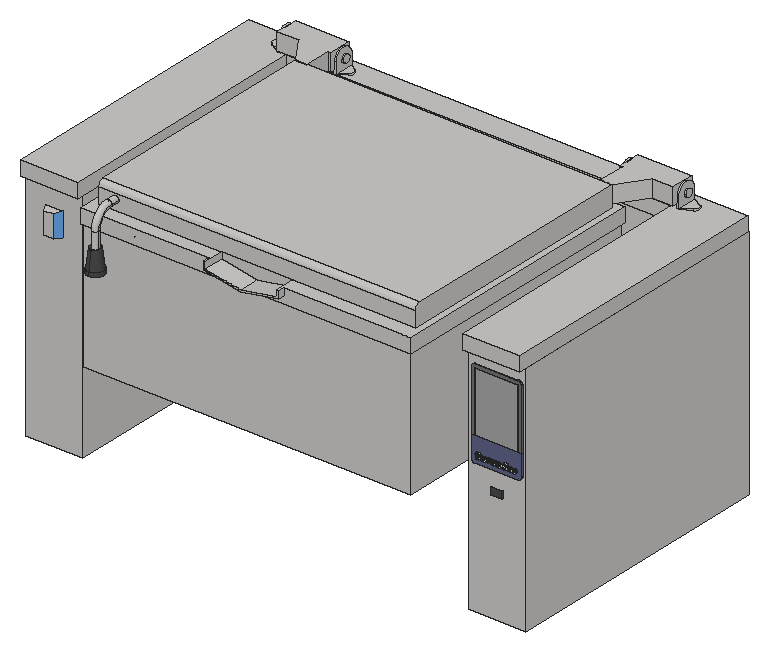
Revit family "QF_ELECTROLUXPROFESSIONAL_586278_PFET08EAEO", category Attrezzature speciali, Revit 2020
Family settings
  Quota connettore circolare = Usa diametro
  Tipo di parte = Normale
  Basato su piano di lavoro = No
  Sempre verticale = Sì
  Taglio con vuoti quando caricato = No
  Condiviso = No
  Punto di calcolo locali = No
Parameters (values of type "Standard")
  Weight = 240.00 kg
  Watts = 20600 W
  Volts = 400 V
  URL Manufacturer = "https://www.electroluxprofessional.com/"
  URL = "https://www.electroluxprofessional.com/"
  Steam Supply Size = 0 mm
  Steam Supply Minimum Pressure = 0.0 Pa
  Steam Supply Maximum Pressure = 0.0 Pa
  Steam Consumption per Hour = 0
  Refrigeration Suction Line Size = 0.0 mm
  Refrigeration Liquid Line Size = 0.0 mm
  Refrigerant Compressor Remote = yes
  Prospetto di default = 0.0 mm
  Produttore = "Electrolux Professional"
  Phase = 3
  Modello = "PFET08EAEO"
  Length Actual = 1400.0 mm  # constant formula
  Item Number = "586278"
  Hot Water Size = 12.7 mm
  Height Actual = 700.0 mm  # constant formula
  HP = "27.6 HP"
  Gas Size = 0 mm
  Gas KW = 0
  Gas Input Pressure = 0 W
  Direct Waste Size = 0 mm
  Descrizione = "ELECTRIC TILTING BRAISING PAN, 80L, COMPOUND(H) FS D800"
  Depth Actual = 800.0 mm  # constant formula
  Cycle = 50 Hz
  Condensate Return Size = 0 mm
  Compressed Air Volume = 0.0 L/s
  Compressed Air Size = 0 mm
  Compressed Air Pressure = 0.0 Pa
  Cold Water Size = 12.7 mm
  Accessory = yes
Reference planes
  plane 1 "Center (Front/Back)": y = 0
  plane 2: z = 0
  plane 3 "Center (Left/Right)": x = 0
  plane 4 "LEFT": x = -700
  plane 5 "RIGHT": x = 700
  plane 6 "BACK": y = 400
  plane 7 "FRONT": y = -400
  plane 8 "Base": z = 200
  plane 9 "TOP": z = 900
  plane 10: x = -540
  plane 11: x = 540
  plane 12 "Axe_PentolaY": y = -180
  plane 13 "AxePentolaZ": z = 730
  plane 14 "PLANE_TOP": z = 860
  plane 15: y = 330
  plane 16: z = 833
  plane 17: z = 502
  plane 18: z = 340
  plane 19: y = -502
  plane 20 "CentroPentolaY": y = -108
  plane 21 "TopCoperchio": z = 958
  plane 22 "Versamento": z = 910
  plane 23 "V1": through (-107.18, -558, 4000) normal (-0.7071, -0.7071, 0)
  plane 24 "V2": through (107.18, -558, 4000) normal (-0.7071, 0.7071, 0)
  plane 25 "Gfront": y = -1250
  plane 26 "LEVEL": through (-245.562, -289.383, 4000) normal (0.866, 0.5, 0)
  plane 27 "GRight": x = 250
  plane 28 "GLeft": x = -250
  plane 29 "Gback": y = -150
  plane 30: z = 1771
  plane 31 "Ribaltamento": y = -522
  plane 32 "AxeL": x = -620
  plane 33 "AxeR": x = 620
  plane 34 "Pentola_Back": y = 258
  plane 35 "Pentola_L": x = -457.5
  plane 36 "Pentola_R": x = 457.5
  plane 37: x = -397.5
  plane 38 "axeC1": x = -480
  plane 39 "axeC2": x = 480
Forms (mm)
  Revolve 1, solid, material "QF_Finishes_Stainless Steel"
    sketch origin (0, 0, 730) x (-1, 0, 0) y (0, -1, 0)
      loop
        line (540, 180) -> (-540, 180) -> (-540, 90) -> (-530, 90) -> (-530, 123) -> (530, 123) -> (530, 90) -> (540, 90) -> (540, 180)
      axis (540, 180) -> (-540, 180)
    angle from 0 to 360
  Extrusion 2, solid, material "QF_Finishes_Stainless Steel"
    sketch origin (0, 0, 860) x (-1, 0, 0) y (0, -1, 0)
      loop
        line (700, 400) -> (540, 400) -> (540, -330) -> (-540, -330) -> (-540, 400) -> (-700, 400) -> (-700, -400) -> (700, -400) -> (700, 400)
    from 0 to 40
  Extrusion 3, solid, material "QF_Finishes_Stainless Steel"
    sketch origin (0, 0, 860) x (-1, 0, 0) y (0, -1, 0)
      loop
        line (540, -330) -> (-540, -330) -> (-540, -400) -> (540, -400) -> (540, -330)
    from 0 to -360
  Extrusion 4, solid, material "QF_Finishes_Stainless Steel"
    sketch origin (-480, 0, 0) x (0, 1, 0) y (0, 0, 1)
      loop
        line (383.242, 900) -> (383.242, 931.379)
        arc (383.242, 931.379) -> (356.621, 958) -> (330, 931.379) r 26.621
        line (330, 931.379) -> (330, 900) -> (383.242, 900)
    from 75 to 82
  Extrusion 5, solid, material "QF_Finishes_Stainless Steel"
    sketch origin (-380, 0, 900) x (0, 1, 0) y (-1, 0, 0)
      loop
        line (334.36, 18) -> (345.936, -3.201)
        arc (345.936, -3.201) -> (356.621, -9.541) -> (367.305, -3.201) r 12.174
        line (367.305, -3.201) -> (378.882, 18) -> (334.36, 18)
      loop
        line (345.936, 211.185) -> (330, 182) -> (383.242, 182) -> (367.305, 211.185)
        arc (367.305, 211.185) -> (356.621, 217.525) -> (345.936, 211.185) r 12.174
    from 0 to 3
  Extrusion 6, solid, material "QF_Finishes_Stainless Steel"
    sketch origin (0, 0, 0) x (0, 1, 0) y (0, 0, 1)
      loop
        line (258, 860) -> (-479, 860) -> (-479, 502) -> (258, 502) -> (258, 860)
    from -457.5 to 457.5
  Extrusion 7, solid, material "QF_Finishes_Stainless Steel"
    sketch origin (0, 0, 0) x (0, 1, 0) y (0, 0, 1)
      loop
        line (264, 860) -> (264, 900) -> (-485, 900) -> (-485, 860) -> (264, 860)
    from -463.5 to 463.5
  Extrusion 8, void
    sketch origin (0, -400, 0) x (-1, 0, 0) y (0, 0, 1)
      loop
        line (-100, 900) -> (-100, 883.7) -> (0, 865.086) -> (100, 883.7) -> (100, 900) -> (-100, 900)
    from -102 to -45
  Extrusion 9, solid, material "QF_Finishes_Stainless Steel"
    sketch origin (0, 0, 0) x (0, 1, 0) y (0, 0, 1)
      loop
        line (244, 958) -> (-430, 958)
        arc (-430, 958) -> (-440.607, 953.607) -> (-445, 943) r 15
        line (-445, 943) -> (-445, 900) -> (244, 900) -> (244, 958)
    from -443.5 to 443.5
  Extrusion 10, solid, material "QF_Finishes_Stainless Steel"
    sketch origin (0, -400, 0) x (-1, 0, 0) y (0, 0, 1)
      loop
        line (105, 879.545) -> (105, 900) -> (100, 900) -> (100, 883.7) -> (0, 865.086) -> (-100, 883.7) -> (-100, 900) -> (-105, 900) -> (-105, 879.545) -> (0, 860) -> (105, 879.545)
    from -102 to -79
  Extrusion 11, solid, material "QF_Finishes_Stainless Steel"
    sketch origin (-480, 0, 0) x (0, 1, 0) y (0, 0, 1)
      loop
        line (383.242, 900) -> (383.242, 931.379)
        arc (383.242, 931.379) -> (356.621, 958) -> (330, 931.379) r 26.621
        line (330, 931.379) -> (330, 900) -> (383.242, 900)
    from -82 to -75
  Extrusion 12, solid, material "QF_Finishes_Stainless Steel"
    sketch origin (-480, 0, 0) x (0, 1, 0) y (0, 0, 1)
      loop
        circle (356.621, 931.379) r 10
    from 82 to 89
  Extrusion 13, solid, material "QF_Finishes_Stainless Steel"
    sketch origin (-480, 0, 0) x (0, 1, 0) y (0, 0, 1)
      loop
        circle (356.621, 931.379) r 10
    from -82 to -89
  Extrusion 14, solid, material "QF_Finishes_Stainless Steel"
    sketch origin (480, 0, 900) x (0, 1, 0) y (-1, 0, 0)
      loop
        arc (345.936, -111.185) -> (356.621, -117.525) -> (367.305, -111.185) r 12.174
        line (367.305, -111.185) -> (383.242, -82) -> (330, -82) -> (345.936, -111.185)
      loop
        line (345.936, 111.185) -> (330, 82) -> (383.242, 82) -> (367.305, 111.185)
        arc (367.305, 111.185) -> (356.621, 117.525) -> (345.936, 111.185) r 12.174
    from 0 to 3
  Extrusion 15, solid, material "QF_Finishes_Stainless Steel"
    sketch origin (480, 0, 0) x (0, 1, 0) y (0, 0, 1)
      loop
        circle (356.621, 931.379) r 10
    from 82 to 89
  Extrusion 16, solid, material "QF_Finishes_Stainless Steel"
    sketch origin (480, 0, 0) x (0, 1, 0) y (0, 0, 1)
      loop
        circle (356.621, 931.379) r 10
    from -82 to -89
  Extrusion 17, solid, material "QF_Finishes_Stainless Steel"
    sketch origin (480, 0, 0) x (0, 1, 0) y (0, 0, 1)
      loop
        line (383.242, 900) -> (383.242, 931.379)
        arc (383.242, 931.379) -> (356.621, 958) -> (330, 931.379) r 26.621
        line (330, 931.379) -> (330, 900) -> (383.242, 900)
    from 75 to 82
  Extrusion 18, solid, material "QF_Finishes_Stainless Steel"
    sketch origin (480, 0, 0) x (0, 1, 0) y (0, 0, 1)
      loop
        line (383.242, 900) -> (383.242, 931.379)
        arc (383.242, 931.379) -> (356.621, 958) -> (330, 931.379) r 26.621
        line (330, 931.379) -> (330, 900) -> (383.242, 900)
    from -82 to -75
  Extrusion 19, solid, material "QF_Finishes_Stainless Steel"
    sketch origin (0, 0, 900) x (0, 1, 0) y (-1, 0, 0)
      loop
        line (318.242, 412.5) -> (318.242, 405) -> (383.242, 405) -> (383.242, 555) -> (318.242, 555) -> (318.242, 495.485) -> (244, 443.5) -> (244, 412.5) -> (318.242, 412.5)
      loop
        line (318.242, -412.5) -> (244, -412.5) -> (244, -443.5) -> (318.242, -495.485) -> (318.242, -555) -> (383.242, -555) -> (383.242, -405) -> (318.242, -405) -> (318.242, -412.5)
    from 10 to 58
  Extrusion 20, solid, material "QF_Door-Drawer Clearances", detail levels coarse
    sketch origin (0, 43.989, -0.088) x (0, 1, 0) y (0, 0, 1)
      loop
        arc (-542.39, 847.898) -> (-565.226, 709.247) -> (-522.989, 575.225) r 302.677
        line (-522.989, 575.225) -> (-522.989, 847.898) -> (-542.39, 847.898)
      loop
        line (325.826, 958.088) -> (124.719, 1720.046) -> (110.522, 1716.299) -> (105.888, 1733.858)
        arc (105.888, 1733.858) -> (78.382, 1766.541) -> (35.668, 1766.049) r 50.001
        arc (35.668, 1766.049) -> (-403.465, 1439.012) -> (-557.984, 913.736) r 864.329
        arc (-557.984, 913.736) -> (-540.994, 929.536) -> (-518.989, 936.891) r 54.807
        line (-518.989, 936.891) -> (-488.989, 936.891) -> (-488.989, 943.088)
        arc (-488.989, 943.088) -> (-484.596, 953.695) -> (-473.989, 958.088) r 15
        line (-473.989, 958.088) -> (325.826, 958.088)
    from 105 to -105
Cuts and joins
  Extrusion 8 cuts Extrusion 7
  joined: Extrusion 7, Extrusion 10
Lines and regions (mm)
  symbolic lines
    curve 1: line (700, 400, 900) -> (-700, 400, 900)
    curve 2: line (700, -400, 900) -> (700, 400, 900)
    curve 3: line (-700, 400, 900) -> (-700, -400, 900)
    curve 4: line (-700, -400, 900) -> (-540, -400, 900)
    curve 5: line (-540, -400, 900) -> (-540, 318.242, 900)
    curve 6: line (540, -400, 900) -> (700, -400, 900)
    curve 7: line (530, -90, 900) -> (530, -270, 900)
    curve 8: line (-530, -90, 900) -> (-530, -270, 900)
    curve 9: line (-530, -90, 900) -> (-540, -90, 900)
    curve 10: line (-530, -270, 900) -> (-540, -270, 900)
    curve 11: line (530, -90, 900) -> (540, -90, 900)
    curve 12: line (530, -270, 900) -> (540, -270, 900)
    curve 18: line (562, 330, 900) -> (555, 330, 900)
    curve 19: line (-530, -122.761, 900) -> (-462.169, -122.761, 900)
    curve 20: line (-530, -236.868, 900) -> (-463.5, -236.868, 900)
    curve 21: line (530, -122.761, 900) -> (463.5, -122.761, 900)
    curve 22: line (530, -236.868, 900) -> (463.5, -236.868, 900)
    curve 49: line (-495.485, 318.242, 900) -> (-443.5, 244, 900)
    curve 50: line (-397.5, 244, 900) -> (-397.5, 264, 900)
    curve 51: line (-555, 383.242, 900) -> (-555, 318.242, 900)
    curve 52: line (-398, 383.242, 900) -> (-562, 383.242, 900)
    curve 53: line (-569, 366.621, 900) -> (-569, 346.621, 900)
    curve 54: line (-591.185, 345.936, 900) -> (-562, 330, 900)
    curve 55: arc (-591.185, 367.305, 900) -> (-597.525, 356.621, 900) -> (-591.185, 345.936, 900) r 12.174
    curve 56: line (-562, 383.242, 900) -> (-591.185, 367.305, 900)
    curve 57: line (-562, 383.242, 900) -> (-562, 330, 900)
    curve 58: arc (591.185, 345.936, 900) -> (597.525, 356.621, 900) -> (591.185, 367.305, 900) r 12.174
    curve 59: line (562, 330, 900) -> (591.185, 345.936, 900)
    curve 60: line (591.185, 367.305, 900) -> (562, 383.242, 900)
    curve 61: line (562, 330, 900) -> (562, 383.242, 900)
    curve 62: line (569, 346.621, 900) -> (569, 366.621, 900)
    curve 63: line (405, 383.242, 900) -> (405, 318.242, 900)
    curve 64: line (368.815, 345.936, 900) -> (398, 330, 900)
    curve 65: line (398, 383.242, 900) -> (368.815, 367.305, 900)
    curve 66: arc (368.815, 367.305, 900) -> (362.475, 356.621, 900) -> (368.815, 345.936, 900) r 12.174
    curve 67: line (391, 366.621, 900) -> (391, 346.621, 900)
    curve 68: line (398, 383.242, 900) -> (398, 330, 900)
    curve 69: line (-412.5, 244, 900) -> (-412.5, 318.242, 900)
    curve 70: line (463.5, 264, 900) -> (457.504, 264, 900)
    curve 71: line (-569, 366.621, 900) -> (-562, 366.621, 900)
    curve 72: line (-569, 346.621, 900) -> (-562, 346.621, 900)
    curve 73: line (-391, 366.621, 900) -> (-398, 366.621, 900)
    curve 74: line (-391, 346.621, 900) -> (-398, 346.621, 900)
    curve 75: line (391, 346.621, 900) -> (398, 346.621, 900)
    curve 76: line (391, 366.621, 900) -> (398, 366.621, 900)
    curve 77: line (569, 366.621, 900) -> (562, 366.621, 900)
    curve 78: line (569, 346.621, 900) -> (562, 346.621, 900)
    curve 79: line (398, 383.242, 900) -> (562, 383.242, 900)
    curve 80: line (405, 330, 900) -> (-398, 330, 900)
    curve 81: line (555, 318.242, 900) -> (555, 383.242, 900)
    curve 82: line (540, 318.242, 900) -> (540, -400, 900)
    curve 83: line (-562, 330, 900) -> (-555, 330, 900)
    curve 84: line (-391, 366.621, 900) -> (-391, 346.621, 900)
    curve 85: line (-392, 337.636, 900) -> (-376.799, 345.936, 900)
    curve 86: arc (-376.799, 345.936, 900) -> (-370.459, 356.621, 900) -> (-376.799, 367.305, 900) r 12.174
    curve 87: line (412.5, 244, 900) -> (412.5, 318.242, 900)
    curve 88: line (-495.485, 318.242, 900) -> (-555, 318.242, 900)
    curve 89: line (-412.5, 318.242, 900) -> (-405, 318.242, 900)
    curve 90: line (-405, 318.242, 900) -> (-405, 383.242, 900)
    curve 91: line (-376.799, 367.305, 900) -> (-398, 378.882, 900)
    curve 92: line (-398, 383.242, 900) -> (-398, 330, 900)
    curve 93: line (-457.504, 264, 900) -> (-463.5, 264, 900)
    curve 94: line (412.5, 264, 900) -> (-412.5, 264, 900)
    curve 95: line (555, 318.242, 900) -> (495.485, 318.242, 900)
    curve 96: line (495.485, 318.242, 900) -> (443.5, 244, 900)
    curve 97: line (405, 318.242, 900) -> (412.5, 318.242, 900)
    curve 98: line (-443.5, -445, 900) -> (443.5, -445, 900)
    curve 99: line (463.5, -485, 900) -> (105, -485, 900)
    curve 100: line (-105, -485, 900) -> (-463.5, -485, 900)
    curve 101: line (-405, 330, 900) -> (-398, 330, 900)
  symbolic lines, style "SpecialityEquipmentHiddenLines"
    curve 13: line (-250, -1250, 900) -> (250, -1250, 900)
    curve 14: line (-250, -150, 900) -> (-250, -1250, 900)
    curve 15: line (250, -150, 900) -> (-250, -150, 900)
    curve 16: line (250, -1250, 900) -> (250, -150, 900)
    curve 39: line (0, -1115.484, 900) -> (0, -1085.484, 900)
    curve 40: line (-15, -1100.484, 900) -> (15, -1100.484, 900)
  symbolic lines, style "SpecialityEquipment"
    curve 17: circle (0, -1100.484, 900) r 15 normal (0, 0, 1)
    curve 23: line (210, -1250, 900) -> (210, -1050, 900)
    curve 24: line (170, -1250, 900) -> (170, -1090, 900)
    curve 25: line (130, -1250, 900) -> (130, -1130, 900)
    curve 26: line (90, -1250, 900) -> (90, -1170, 900)
    curve 27: line (90, -1210, 900) -> (250, -1210, 900)
    curve 28: line (130, -1170, 900) -> (250, -1170, 900)
    curve 29: line (170, -1130, 900) -> (250, -1130, 900)
    curve 30: line (210, -1090, 900) -> (250, -1090, 900)
    curve 31: line (-210, -1250, 900) -> (-210, -1050, 900)
    curve 32: line (-170, -1250, 900) -> (-170, -1090, 900)
    curve 33: line (-130, -1250, 900) -> (-130, -1130, 900)
    curve 34: line (-90, -1250, 900) -> (-90, -1170, 900)
    curve 35: line (-90, -1210, 900) -> (-250, -1210, 900)
    curve 36: line (-130, -1170, 900) -> (-250, -1170, 900)
    curve 37: line (-170, -1130, 900) -> (-250, -1130, 900)
    curve 38: line (-210, -1090, 900) -> (-250, -1090, 900)
    curve 41: line (-443.5, 244, 900) -> (-443.5, -445, 900)
    curve 42: line (443.5, -445, 900) -> (443.5, 244, 900)
    curve 43: line (443.5, 244, 900) -> (-443.5, 244, 900)
    curve 44: line (-463.5, 264, 900) -> (-463.5, -485, 900)
    curve 45: line (463.5, -485, 900) -> (463.5, 264, 900)
    curve 46: line (-105, -502, 900) -> (105, -502, 900)
    curve 47: line (105, -502, 900) -> (105, -445, 900)
    curve 48: line (-105, -445, 900) -> (-105, -502, 900)
Dimensions and locks
  plane 4 "LEFT" to plane 5 "RIGHT" = 1400.0 mm
  equal spacing: plane 4 "LEFT", plane 3 "Center (Left/Right)", plane 5 "RIGHT"
  equal spacing: plane 6 "BACK", plane 1 "Center (Front/Back)", plane 7 "FRONT"
  plane 6 "BACK" to plane 7 "FRONT" = 800.0 mm
  plane 8 "Base" to level = 200.0 mm
  plane 9 "TOP" to level = 900.0 mm
  plane 9 "TOP" to plane 8 "Base" = 700.0 mm
  locked: plane 4 "LEFT" to plane 10 at 160
  locked: plane 11 to plane 5 "RIGHT" at 160
  locked: plane 6 "BACK" to plane 12 "Axe_PentolaY" at 580
  locked: plane 13 "AxePentolaZ" to plane 8 "Base" at 530
  locked: Revolve 1 sketch curve to Revolve 1 sketch curve at 57
  locked: Revolve 1 sketch curve to Revolve 1 sketch curve at 90
  locked: plane 10 to Revolve 1 sketch curve at 10
  locked: Revolve 1 sketch curve to plane 11 at 10
  locked: plane 9 "TOP" to plane 14 "PLANE_TOP" at 40
  plane 6 "BACK" to plane 15 = 70.0 mm
  locked: plane 16 to plane 13 "AxePentolaZ" at 103
  locked: plane 13 "AxePentolaZ" to plane 17 at 228
  locked: plane 17 to plane 18 at 162
  plane 6 "BACK" to plane 19 = 902.0 mm
  locked: plane 6 "BACK" to plane 20 "CentroPentolaY" at 508
  locked: plane 21 "TopCoperchio" to plane 9 "TOP" at 58
  locked: plane 22 "Versamento" to level at 910
  plane 6 "BACK" to plane 25 "Gfront" = 1650.0 mm
  locked: plane 28 "GLeft" to plane 3 "Center (Left/Right)" at 250
  locked: plane 3 "Center (Left/Right)" to plane 27 "GRight" at 250
  plane 6 "BACK" to plane 29 "Gback" = 550.0 mm
  plane 30 to plane 9 "TOP" = 871.0 mm
  plane 6 "BACK" to plane 31 "Ribaltamento" = 922.0 mm
  equal spacing: plane 10, plane 32 "AxeL", plane 4 "LEFT"
  equal spacing: plane 5 "RIGHT", plane 33 "AxeR", plane 11
  locked: plane 36 "Pentola_R" to plane 35 "Pentola_L" at 915
  equal spacing: plane 36 "Pentola_R", plane 3 "Center (Left/Right)", plane 35 "Pentola_L"
  locked: Extrusion 7 sketch curve to plane 34 "Pentola_Back" at 6
  plane 34 "Pentola_Back" to plane 12 "Axe_PentolaY" = 438.0 mm
  locked: plane 37 to plane 35 "Pentola_L" at 60
  plane 4 "LEFT" to plane 38 "axeC1" = 220.0 mm
  plane 39 "axeC2" to plane 5 "RIGHT" = 220.0 mm
  locked: cut or joined group of Extrusion 7, Extrusion 8, Extrusion 10 to plane 36 "Pentola_R" at 6
  locked: plane 35 "Pentola_L" to cut or joined group of Extrusion 7, Extrusion 8, Extrusion 10 at 6
  locked: Extrusion 9 to plane 35 "Pentola_L" at 14
  locked: plane 36 "Pentola_R" to Extrusion 9 at 14
  aligned and locked: level to plane 2
  aligned and locked: plane 5 "RIGHT" to nested 2
  aligned and locked: plane 4 "LEFT" to nested 1
  aligned and locked: plane 6 "BACK" to nested 2
  aligned and locked: plane 10 to Revolve 1 sketch curve
  aligned and locked: plane 11 to Revolve 1 sketch curve
  aligned and locked: plane 4 "LEFT" to Extrusion 2 sketch curve
  aligned and locked: Extrusion 2 sketch curve to plane 10
  aligned and locked: plane 7 "FRONT" to Extrusion 2 sketch curve  (x2)
  aligned and locked: Extrusion 2 sketch curve to plane 5 "RIGHT"
  aligned and locked: plane 11 to Extrusion 2 sketch curve
  aligned and locked: Extrusion 2 sketch curve to plane 6 "BACK"
  aligned and locked: plane 15 to Extrusion 2 sketch curve
  aligned and locked: Extrusion 3 sketch curve to plane 10
  aligned and locked: plane 6 "BACK" to Extrusion 3 sketch curve
  aligned and locked: plane 11 to Extrusion 3 sketch curve
  aligned and locked: Extrusion 3 sketch curve to plane 15
  aligned and locked: curve 13 to plane 25 "Gfront"
  aligned and locked: curve 14 to plane 28 "GLeft"
  aligned and locked: plane 27 "GRight" to curve 16
  aligned and locked: plane 29 "Gback" to curve 15
  aligned and locked: plane 17 to Extrusion 6 sketch curve
  aligned and locked: plane 9 "TOP" to Extrusion 7 sketch curve
  aligned and locked: Extrusion 6 to plane 35 "Pentola_L"
  aligned and locked: plane 36 "Pentola_R" to Extrusion 6
  aligned and locked: plane 37 to nested 3
Automatic sketch dimensions
  plane 12 "Axe_PentolaY" to Revolve 1 sketch curve = 0.0 mm
  Revolve 1 sketch curve to plane 12 "Axe_PentolaY" = 0.0 mm
  plane 20 "CentroPentolaY" to Revolve 1 sketch curve = 18.0 mm
  plane 5 "RIGHT" to Revolve 1 sketch curve = 432.098 mm
  Revolve 1 sketch curve to plane 4 "LEFT" = 580.148 mm
  Extrusion 4 sketch curve to plane 9 "TOP" = 0.0 mm
  Extrusion 4 sketch curve to plane 15 = 0.0 mm
  plane 15 to Extrusion 4 sketch curve = 26.621 mm
  plane 22 "Versamento" to Extrusion 4 sketch curve = 21.379 mm
  plane 16 to Extrusion 6 sketch curve = 27.0 mm
  Extrusion 6 sketch curve to plane 34 "Pentola_Back" = 0.0 mm
  Extrusion 6 sketch curve to plane 7 "FRONT" = 79.0 mm
  Extrusion 7 sketch curve to plane 7 "FRONT" = 85.0 mm
  Extrusion 9 sketch curve to plane 9 "TOP" = 0.0 mm
  Extrusion 9 sketch curve to plane 7 "FRONT" = 45.0 mm
  Extrusion 9 sketch curve to Extrusion 9 sketch curve = 15.0 mm
  Extrusion 9 sketch curve to plane 34 "Pentola_Back" = 14.0 mm
  Extrusion 11 sketch curve to plane 9 "TOP" = 0.0 mm
  Extrusion 11 sketch curve to plane 15 = 0.0 mm
  plane 15 to Extrusion 11 sketch curve = 26.621 mm
  plane 22 "Versamento" to Extrusion 11 sketch curve = 21.379 mm
  plane 15 to Extrusion 12 sketch curve = 26.621 mm
  plane 22 "Versamento" to Extrusion 12 sketch curve = 21.379 mm
  plane 15 to Extrusion 13 sketch curve = 26.621 mm
  plane 22 "Versamento" to Extrusion 13 sketch curve = 21.379 mm
  Extrusion 14 sketch curve to plane 15 = 0.0 mm  (x2)
  plane 15 to Extrusion 14 sketch curve = 15.936 mm  (x2)
  Extrusion 14 sketch curve to Extrusion 14 sketch curve = 10.684 mm  (x4)
  plane 27 "GRight" to Extrusion 14 sketch curve = 118.815 mm
  Extrusion 14 sketch curve to plane 6 "BACK" = 16.758 mm  (x2)
  Extrusion 14 sketch curve to Extrusion 14 sketch curve = 5.834 mm  (x2)
  Extrusion 14 sketch curve to Extrusion 14 sketch curve = 29.185 mm
  plane 11 to Extrusion 14 sketch curve = 22.0 mm
  Extrusion 14 sketch curve to plane 33 "AxeR" = 34.649 mm
  plane 15 to Extrusion 15 sketch curve = 26.621 mm
  plane 22 "Versamento" to Extrusion 15 sketch curve = 21.379 mm
  plane 15 to Extrusion 16 sketch curve = 26.621 mm
  plane 22 "Versamento" to Extrusion 16 sketch curve = 21.379 mm
  Extrusion 17 sketch curve to plane 9 "TOP" = 0.0 mm
  Extrusion 17 sketch curve to plane 15 = 0.0 mm
  Extrusion 17 sketch curve to Extrusion 17 sketch curve = 26.621 mm
  plane 22 "Versamento" to Extrusion 17 sketch curve = 21.379 mm
  Extrusion 18 sketch curve to plane 9 "TOP" = 0.0 mm
  Extrusion 18 sketch curve to plane 15 = 0.0 mm
  Extrusion 18 sketch curve to Extrusion 18 sketch curve = 26.621 mm
  plane 22 "Versamento" to Extrusion 18 sketch curve = 21.379 mm
  Extrusion 9 sketch curve to plane 21 "TopCoperchio" = 0.0 mm
  plane 16 to Extrusion 7 sketch curve = 27.0 mm
  plane 15 to Extrusion 5 sketch curve = 4.36 mm
  Extrusion 5 sketch curve to plane 15 = 0.0 mm
  plane 15 to Extrusion 5 sketch curve = 15.936 mm  (x2)
  Extrusion 5 sketch curve to Extrusion 5 sketch curve = 10.684 mm  (x4)
  Extrusion 5 sketch curve to plane 6 "BACK" = 16.758 mm
  plane 37 to Extrusion 5 sketch curve = 20.701 mm
  Extrusion 5 sketch curve to Extrusion 5 sketch curve = 5.834 mm  (x2)
  Extrusion 5 sketch curve to plane 10 = 22.0 mm
  plane 32 "AxeL" to Extrusion 5 sketch curve = 34.649 mm
  Extrusion 5 sketch curve to plane 6 "BACK" = 21.118 mm
  Extrusion 5 sketch curve to plane 37 = 0.5 mm
  Extrusion 20 sketch curve to plane 21 "TopCoperchio" = 0.0 mm
  plane 19 to Extrusion 20 sketch curve = 3.599 mm
  Extrusion 20 sketch curve to plane 14 "PLANE_TOP" = 12.19 mm
  Extrusion 20 sketch curve to Extrusion 20 sketch curve = 19.401 mm
  plane 19 to Extrusion 20 sketch curve = 27.0 mm
  Extrusion 20 sketch curve to plane 9 "TOP" = 17.677 mm
  plane 19 to Extrusion 20 sketch curve = 32.978 mm
  Extrusion 20 sketch curve to Extrusion 20 sketch curve = 30.0 mm
  plane 13 "AxePentolaZ" to Extrusion 20 sketch curve = 0.64 mm
  Extrusion 20 sketch curve to plane 12 "Axe_PentolaY" = 39.323 mm
  Extrusion 20 sketch curve to plane 30 = 50.0 mm
  Extrusion 20 sketch curve to plane 1 "Center (Front/Back)" = 101.535 mm
  Extrusion 20 sketch curve to plane 30 = 37.23 mm
  Extrusion 20 sketch curve to Extrusion 20 sketch curve = 48.343 mm
  Extrusion 20 sketch curve to plane 30 = 54.789 mm
  Extrusion 20 sketch curve to Extrusion 20 sketch curve = 4.634 mm
  Extrusion 20 sketch curve to plane 30 = 51.042 mm
  plane 15 to Extrusion 20 sketch curve = 19.768 mm
  plane 9 "TOP" to Extrusion 20 sketch curve = 36.803 mm
  Extrusion 20 sketch curve to plane 21 "TopCoperchio" = 15.0 mm
  Extrusion 20 sketch curve to plane 21 "TopCoperchio" = 13.078 mm
  plane 9 "TOP" to Extrusion 20 sketch curve = 13.648 mm
  Extrusion 19 sketch curve to plane 34 "Pentola_Back" = 14.0 mm  (x2)
  Extrusion 19 sketch curve to plane 15 = 11.758 mm  (x4)
  Extrusion 19 sketch curve to plane 6 "BACK" = 16.758 mm  (x2)
  Extrusion 19 sketch curve to plane 37 = 7.5 mm
  Extrusion 19 sketch curve to plane 36 "Pentola_R" = 52.5 mm
  Extrusion 19 sketch curve to Extrusion 19 sketch curve = 7.5 mm
  Extrusion 19 sketch curve to plane 36 "Pentola_R" = 14.0 mm
  plane 39 "axeC2" to Extrusion 19 sketch curve = 15.485 mm
  plane 11 to Extrusion 19 sketch curve = 15.0 mm
  Extrusion 19 sketch curve to plane 37 = 15.0 mm
  plane 35 "Pentola_L" to Extrusion 19 sketch curve = 14.0 mm
  Extrusion 19 sketch curve to plane 38 "axeC1" = 15.485 mm
  Extrusion 19 sketch curve to plane 10 = 15.0 mm
  curve 39 to plane 3 "Center (Left/Right)" = 0.0 mm
  curve 17 to plane 3 "Center (Left/Right)" = 0.0 mm
  curve 47 to plane 19 = 0.0 mm
  curve 2 to plane 5 "RIGHT" = 0.0 mm
  curve 2 to plane 7 "FRONT" = 0.0 mm
  curve 3 to plane 4 "LEFT" = 0.0 mm
  curve 3 to plane 7 "FRONT" = 0.0 mm
  curve 12 to plane 11 = 0.0 mm
  curve 10 to plane 10 = 0.0 mm
  curve 50 to plane 37 = 0.0 mm
  curve 101 to plane 15 = 0.0 mm
  curve 18 to plane 15 = 0.0 mm
  curve 54 to plane 15 = 0.0 mm
  curve 2 to plane 6 "BACK" = 0.0 mm
  plane 25 "Gfront" to curve 17 = 149.516 mm
  curve 100 to plane 35 "Pentola_L" = 6.0 mm
  plane 19 to curve 100 = 17.0 mm
  plane 36 "Pentola_R" to curve 45 = 6.0 mm
  plane 19 to curve 45 = 17.0 mm
  curve 98 to plane 36 "Pentola_R" = 14.0 mm
  curve 45 to curve 98 = 40.0 mm
  curve 12 to plane 11 = 10.0 mm
  curve 12 to plane 12 "Axe_PentolaY" = 90.0 mm
  plane 10 to curve 8 = 10.0 mm
  curve 8 to plane 12 "Axe_PentolaY" = 90.0 mm
  plane 20 "CentroPentolaY" to curve 11 = 18.0 mm
  plane 20 "CentroPentolaY" to curve 9 = 18.0 mm
  curve 41 to plane 34 "Pentola_Back" = 14.0 mm
  plane 34 "Pentola_Back" to curve 44 = 6.0 mm
  plane 34 "Pentola_Back" to curve 70 = 6.0 mm
  curve 95 to plane 15 = 11.758 mm
  curve 97 to plane 15 = 11.758 mm
  curve 89 to plane 15 = 11.758 mm
  curve 88 to plane 15 = 11.758 mm
  plane 15 to curve 85 = 15.936 mm
  plane 15 to curve 59 = 15.936 mm
  plane 15 to curve 54 = 15.936 mm
  plane 15 to curve 64 = 15.936 mm
  plane 15 to curve 75 = 16.621 mm
  plane 37 to curve 84 = 6.5 mm
  curve 86 to curve 84 = 0.684 mm
  plane 15 to curve 72 = 16.621 mm
  plane 15 to curve 78 = 16.621 mm
  curve 85 to curve 86 = 10.684 mm
  curve 66 to curve 66 = 10.684 mm
  curve 54 to curve 55 = 10.684 mm
  curve 58 to curve 58 = 10.684 mm
  curve 66 to curve 67 = 10.0 mm
  curve 86 to curve 73 = 10.0 mm
  curve 55 to curve 71 = 10.0 mm
  curve 58 to curve 77 = 10.0 mm
  curve 58 to curve 60 = 10.684 mm
  curve 55 to curve 56 = 10.684 mm
  plane 37 to curve 91 = 20.701 mm
  curve 86 to curve 91 = 10.684 mm
  curve 66 to curve 65 = 10.684 mm
  curve 92 to plane 37 = 0.5 mm
  curve 73 to curve 92 = 16.621 mm
  curve 76 to curve 65 = 16.621 mm
  curve 59 to plane 33 "AxeR" = 28.815 mm
  curve 58 to curve 58 = 5.834 mm
  curve 58 to curve 62 = 16.351 mm
  curve 62 to curve 18 = 7.0 mm
  curve 18 to curve 95 = 7.0 mm
  plane 39 "axeC2" to curve 96 = 15.485 mm
  curve 87 to plane 36 "Pentola_R" = 45.0 mm
  curve 87 to curve 97 = 7.5 mm
  curve 63 to curve 68 = 7.0 mm
  curve 76 to curve 76 = 7.0 mm
  curve 67 to curve 66 = 16.351 mm
  curve 66 to curve 65 = 5.834 mm
  plane 3 "Center (Left/Right)" to curve 47 = 105.0 mm
  curve 48 to plane 3 "Center (Left/Right)" = 105.0 mm
  curve 86 to curve 86 = 5.834 mm
  curve 90 to plane 37 = 7.5 mm
  curve 89 to curve 69 = 7.5 mm
  plane 35 "Pentola_L" to curve 98 = 14.0 mm
  curve 49 to plane 38 "axeC1" = 15.485 mm
  curve 88 to plane 10 = 15.0 mm
  curve 51 to curve 56 = 7.0 mm
  curve 72 to curve 53 = 7.0 mm
  curve 53 to curve 55 = 16.351 mm
  curve 55 to curve 56 = 5.834 mm
  curve 34 to curve 35 = 40.0 mm
  curve 26 to curve 27 = 40.0 mm
  curve 35 to curve 34 = 40.0 mm
  curve 35 to curve 36 = 40.0 mm
  curve 27 to curve 28 = 40.0 mm
  curve 26 to curve 28 = 0.0 mm
  curve 36 to curve 37 = 40.0 mm
  curve 28 to curve 29 = 40.0 mm
  curve 28 to curve 25 = 40.0 mm
  curve 37 to curve 33 = 0.0 mm
  curve 39 to curve 17 = 15.0 mm
  curve 40 to curve 17 = 0.0 mm
  curve 37 to curve 38 = 40.0 mm
  curve 29 to curve 24 = 40.0 mm
  curve 29 to curve 30 = 40.0 mm
  curve 38 to curve 32 = 0.0 mm
  curve 38 to curve 31 = 40.0 mm
  curve 30 to curve 23 = 40.0 mm
  curve 7 to curve 22 = 33.132 mm
  curve 20 to plane 12 "Axe_PentolaY" = 56.868 mm
  curve 19 to plane 20 "CentroPentolaY" = 14.761 mm
  curve 21 to plane 20 "CentroPentolaY" = 14.761 mm
  plane 34 "Pentola_Back" to curve 50 = 6.0 mm
  plane 15 to curve 85 = 7.636 mm
  curve 91 to curve 52 = 4.36 mm
  curve 64 to curve 68 = 0.0 mm
  curve 23 to plane 27 "GRight" = 40.0 mm
  curve 30 to curve 29 = 40.0 mm
  curve 24 to curve 25 = 40.0 mm
  curve 28 to curve 26 = 40.0 mm
  curve 35 to plane 3 "Center (Left/Right)" = 90.0 mm
  curve 34 to curve 36 = 40.0 mm
  curve 33 to curve 32 = 40.0 mm
  plane 28 "GLeft" to curve 31 = 40.0 mm
  plane 37 to curve 85 = 5.5 mm
  curve 19 to plane 35 "Pentola_L" = 4.669 mm
  Extrusion 8 sketch curve to plane 9 "TOP" = 0.0 mm
  plane 3 "Center (Left/Right)" to Extrusion 8 sketch curve = 100.0 mm
  plane 14 "PLANE_TOP" to Extrusion 8 sketch curve = 23.7 mm  (x2)
  Extrusion 8 sketch curve to plane 3 "Center (Left/Right)" = 100.0 mm
  plane 3 "Center (Left/Right)" to Extrusion 8 sketch curve = 0.0 mm
  plane 14 "PLANE_TOP" to Extrusion 8 sketch curve = 5.086 mm
  Extrusion 10 sketch curve to plane 9 "TOP" = 0.0 mm  (x2)
  Extrusion 10 sketch curve to plane 3 "Center (Left/Right)" = 0.0 mm  (x2)
  Extrusion 10 sketch curve to plane 14 "PLANE_TOP" = 0.0 mm
  plane 14 "PLANE_TOP" to Extrusion 10 sketch curve = 19.545 mm  (x2)
  Extrusion 10 sketch curve to plane 9 "TOP" = 16.3 mm  (x2)
  plane 14 "PLANE_TOP" to Extrusion 10 sketch curve = 5.086 mm
  Extrusion 10 sketch curve to Extrusion 10 sketch curve = 5.0 mm  (x2)
  Extrusion 10 sketch curve to plane 3 "Center (Left/Right)" = 100.0 mm
  plane 3 "Center (Left/Right)" to Extrusion 10 sketch curve = 100.0 mm
  radius of Extrusion 12 sketch curve = 10.0 mm
  radius of Extrusion 13 sketch curve = 10.0 mm
  radius of Extrusion 15 sketch curve = 10.0 mm
  radius of Extrusion 16 sketch curve = 10.0 mm
Nested families
  nested 1: "QF_ELECTROLUXPROFESSIONAL_PBOT800H700_LEFT" at (-620, 0, 0), type "QF_ELECTROLUXPROFESSIONAL_PBOT800H700_LEFT"
    with Body Finish QF_Finishes_Stainless Steel
  nested 2: "QF_ELECTROLUXPROFESSIONAL_PBOT800H700_RIGHT" at (620, 0, 0), type "QF_ELECTROLUXPROFESSIONAL_PBOT800H700_RIGHT"
    with Body Finish QF_Finishes_Stainless Steel
  nested 3: "QF_ELECTROLUXPROFESSIONAL_PFET900_LEVEL2" at (-397.5, -445, 927.803), type "QF_ELECTROLUXPROFESSIONAL_PFET900_LEVEL2"
Connectors
  piping at (-650, 403, 395), diameter 12.7, driven by "Hot Water Size"
    settings: on nested 1, index 1, connector inside diameter 609.6 mm, connector length 0.0 mm, flow factor 0, pipe flow 0.0 L/s, pressure drop 0.0 Pa, fitting loss kfactor 0, connector angle 0.00°, fixture units 0, engagement length 0.0 mm, angle of deflection 0.00°, flow configuration 1, flow direction 1, fitting loss method 0, system type 19, joint type 0, gender type 0, connector reference index -1, connector utility 0, adjustable connector no, is connector primary yes, connector description "Hot Water Inlet"
  piping at (-590, 403, 395), diameter 12.7, driven by "Cold Water Size"
    settings: on nested 1, index 2, connector inside diameter 609.6 mm, connector length 0.0 mm, flow factor 0, pipe flow 0.0 L/s, pressure drop 0.0 Pa, fitting loss kfactor 0, connector angle 0.00°, fixture units 0, engagement length 0.0 mm, angle of deflection 0.00°, flow configuration 1, flow direction 1, fitting loss method 0, system type 20, joint type 0, gender type 0, connector reference index -1, connector utility 0, adjustable connector no, is connector primary no, connector description "Cold Water Inlet"
  electrical at (620, 400, 450), driven by "Volts"
    settings: on nested 2, index 3, voltage 400 V, apparent load 0 VA, apparent load phase1 0 VA, apparent load phase2 0 VA, apparent load phase3 0 VA, power factor 1, load classification "Other", number of poles 1, system type 30, power factor state 1, is connector primary yes, connector utility no, sub classification motor no, connector description "Electrical Connection"
Definition of nested family "QF_ELECTROLUXPROFESSIONAL_PBOT800H700_LEFT"
  Parameters
    Width = 160.0 mm
    Right = Width / 2  # 80.0 mm
    Default Elevation = 0.0 mm
    Left = -Width / 2  # -80.0 mm
    Htop = 40.0 mm
    Height = 900.0 mm
    HW_CW_z = 195.0 mm
    HW_CW_y = 315.0 mm
    HW_CW_Border = 50.0 mm
    HBase = 200.0 mm
    Depth = 800.0 mm
    BorderFront = 20.0 mm
    Body Finish [instance] = none
  Reference planes
    plane 1 "Center (Front/Back)": y = 0
    plane 2: z = 0
    plane 3 "Center (Left/Right)": x = 0
    plane 4 "LEFT": x = -80
    plane 5 "RIGHT": x = 80
    plane 6 "BACK": y = 400
    plane 7 "FRONT": y = -400
    plane 8 "TRAYSLIDER": y = -811.8
    plane 9 "Base": z = 200
    plane 10 "TOP": z = 900
    plane 11 "BorderFront": y = -380
    plane 12: z = 860
    plane 13 "HW_CW": y = 85
    plane 14: x = -30
    plane 15: x = 30
    plane 16 "SteamO": y = 161
    plane 17 "CHW": z = 395
  Forms (mm)
    Extrusion 1, solid
      sketch origin (0, 0, 0) x (1, 0, 0) y (0, 1, 0)
        loop
          line (-80, 400) -> (-80, -380) -> (80, -380) -> (80, 400) -> (-80, 400)
      from 860 to 200
    Extrusion 2, solid, material <- "Body Finish"
      sketch origin (0, 400, 0) x (-1, 0, 0) y (0, 0, 1)
        loop
          circle (30, 395) r 6.35
        loop
          circle (-30, 395) r 6.35
      from 3 to 0
    Blend 3, solid, material <- "Body Finish"
      base sketch origin (0, -380, -0.233) x (-1, 0, 0) y (0, 0, 1)
        loop
          line (23.5, 800.233) -> (-23.5, 800.233) -> (-23.5, 733.433) -> (23.5, 733.433) -> (23.5, 800.233)
      top sketch origin (0, -380, -0.233) x (-1, 0, 0) y (0, 0, 1)
        loop
          line (13.448, 797.45) -> (-13.448, 797.45) -> (-13.448, 736.216) -> (13.448, 736.216) -> (13.448, 797.45)
      from 0 to -20
    Extrusion 4, solid
      sketch origin (0, 0, 200) x (0, 1, 0) y (-1, 0, 0)
        loop
          circle (85, 30) r 5
        loop
          circle (85, -30) r 5
      from 0 to -3
  Lines and regions (mm)
    symbolic lines
      curve 1: line (80, 400, 0) -> (-80, 400, 0)
      curve 2: line (-80, 400, 0) -> (-80, -380, 0)
  Dimensions and locks
    "Width": plane 4 "LEFT" to plane 5 "RIGHT"
    equal spacing: plane 4 "LEFT", plane 3 "Center (Left/Right)", plane 5 "RIGHT"
    equal spacing: plane 6 "BACK", plane 1 "Center (Front/Back)", plane 7 "FRONT"
    "Depth": plane 6 "BACK" to plane 7 "FRONT"
    "BorderFront": plane 11 "BorderFront" to plane 7 "FRONT"
    "Htop": plane 10 "TOP" to plane 12
    "Height": plane 10 "TOP" to level
    "HBase": plane 9 "Base" to level
    "HW_CW_y": plane 6 "BACK" to plane 13 "HW_CW"
    "HW_CW_Border": plane 4 "LEFT" to plane 14
    "HW_CW_Border": plane 15 to plane 5 "RIGHT"
    "HW_CW_z": plane 17 "CHW" to plane 9 "Base"
    aligned and locked: level to plane 2
    aligned and locked: plane 11 "BorderFront" to Extrusion 1 sketch curve
    aligned and locked: plane 12 to Extrusion 1
    aligned and locked: Extrusion 1 to plane 9 "Base"
    aligned and locked: plane 4 "LEFT" to Extrusion 1 sketch curve
    aligned and locked: Extrusion 1 sketch curve to plane 5 "RIGHT"
    aligned and locked: Extrusion 1 sketch curve to plane 6 "BACK"
  Automatic sketch dimensions
    curve 1 to plane 4 "LEFT" = 0.0 mm
    curve 1 to plane 5 "RIGHT" = 0.0 mm
    curve 2 to plane 11 "BorderFront" = 0.0 mm
    curve 2 to plane 6 "BACK" = 0.0 mm
    Extrusion 2 sketch curve to plane 15 = 0.0 mm
    Extrusion 2 sketch curve to plane 14 = 0.0 mm
    Extrusion 2 sketch curve to plane 17 "CHW" = 0.0 mm  (x2)
    Blend 3 sketch curve to plane 15 = 6.5 mm
    plane 14 to Blend 3 sketch curve = 6.5 mm
    Blend 3 sketch curve to plane 12 = 126.8 mm
    Blend 3 sketch curve to plane 12 = 60.0 mm
    plane 3 "Center (Left/Right)" to Blend 3 sketch curve = 13.448 mm
    Blend 3 sketch curve to plane 3 "Center (Left/Right)" = 13.448 mm
    Blend 3 sketch curve to plane 12 = 124.017 mm
    Blend 3 sketch curve to Blend 3 sketch curve = 61.233 mm
    Extrusion 4 sketch curve to plane 13 "HW_CW" = 0.0 mm  (x2)
    Extrusion 4 sketch curve to plane 15 = 0.0 mm
    Extrusion 4 sketch curve to plane 14 = 0.0 mm
    radius of Extrusion 2 sketch curve = 6.35 mm  (x2)
    radius of Extrusion 4 sketch curve = 5.0 mm  (x2)
Definition of nested family "QF_ELECTROLUXPROFESSIONAL_PBOT800H700_RIGHT"
  Parameters
    Width = 160.0 mm
    Right = Width / 2  # 80.0 mm
    Default Elevation = 0.0 mm
    Left = -Width / 2  # -80.0 mm
    Htop = 40.0 mm
    Height = 900.0 mm
    HBase = 200.0 mm
    EI_z = 250.0 mm
    EI_y = 235.0 mm
    Depth = 800.0 mm
    BorderFront = 20.0 mm
    Body Finish [instance] = none
  Reference planes
    plane 1 "Center (Front/Back)": y = 0
    plane 2: z = 0
    plane 3 "Center (Left/Right)": x = 0
    plane 4 "LEFT": x = -80
    plane 5 "RIGHT": x = 80
    plane 6 "BACK": y = 400
    plane 7 "FRONT": y = -400
    plane 8 "Base": z = 200
    plane 9 "TOP": z = 900
    plane 10 "BorderFront": y = -380
    plane 11: z = 860
    plane 12 "EI": z = 450
    plane 13: y = 165
  Forms (mm)
    Extrusion 1, solid
      sketch origin (0, 0, 0) x (1, 0, 0) y (0, 1, 0)
        loop
          line (-80, 400) -> (-80, -380) -> (80, -380) -> (80, 400) -> (-80, 400)
      from 860 to 200
    Extrusion 2, solid
      sketch origin (0, -380, 0) x (-1, 0, 0) y (0, 0, 1)
        loop
          line (59.714, 823.989) -> (-61.821, 823.989)
          arc (-61.821, 823.989) -> (-68.892, 821.06) -> (-71.821, 813.989) r 10
          line (-71.821, 813.989) -> (-71.821, 644.744) -> (-61.821, 644.744) -> (-61.821, 813.989) -> (59.714, 813.989) -> (59.714, 644.744) -> (69.714, 644.744) -> (69.714, 813.989)
          arc (69.714, 813.989) -> (66.786, 821.06) -> (59.714, 823.989) r 10
      from 0 to -3
    Extrusion 3, solid
      sketch origin (0, -380, 0) x (-1, 0, 0) y (0, 0, 1)
        loop
          line (69.714, 585) -> (69.714, 644.744) -> (-71.821, 644.744) -> (-71.821, 585)
          arc (-71.821, 585) -> (-68.892, 577.929) -> (-61.821, 575) r 10
          line (-61.821, 575) -> (59.714, 575)
          arc (59.714, 575) -> (66.786, 577.929) -> (69.714, 585) r 10
      from -3 to 0
    Extrusion 4, solid
      sketch origin (234.714, -380, 0) x (-1, 0, 0) y (0, 0, 1)
        loop
          line (294.429, 813.989) -> (172.894, 813.989) -> (172.894, 644.744) -> (294.429, 644.744) -> (294.429, 813.989)
      from 0 to -3
    Extrusion 5, solid
      sketch origin (0, -380, 0) x (-1, 0, 0) y (0, 0, 1)
        loop
          line (15, 530) -> (-15, 530) -> (-15, 510) -> (15, 510) -> (15, 530)
      from -1.6 to 0
    Extrusion 6, solid
      sketch origin (0, 400, 0) x (-1, 0, 0) y (0, 0, 1)
        loop
          circle (0, 450) r 5
      from 0 to 2
    Extrusion 7, solid
      sketch origin (0, 0, 200) x (0, 1, 0) y (-1, 0, 0)
        loop
          circle (165, 0) r 10
      from 0 to -3
  Lines and regions (mm)
    symbolic lines
      curve 1: line (-80, 400, 0) -> (80, 400, 0)
      curve 2: line (80, 400, 0) -> (80, -380, 0)
  Dimensions and locks
    "Width": plane 4 "LEFT" to plane 5 "RIGHT"
    equal spacing: plane 4 "LEFT", plane 3 "Center (Left/Right)", plane 5 "RIGHT"
    equal spacing: plane 6 "BACK", plane 1 "Center (Front/Back)", plane 7 "FRONT"
    "Depth": plane 6 "BACK" to plane 7 "FRONT"
    "BorderFront": plane 10 "BorderFront" to plane 7 "FRONT"
    "Htop": plane 9 "TOP" to plane 11
    "Height": plane 9 "TOP" to level
    "HBase": plane 8 "Base" to level
    "EI_y": plane 6 "BACK" to plane 13
    "EI_z": plane 12 "EI" to plane 8 "Base"
    aligned and locked: level to plane 2
    aligned and locked: plane 10 "BorderFront" to Extrusion 1 sketch curve
    aligned and locked: plane 11 to Extrusion 1
    aligned and locked: Extrusion 1 to plane 8 "Base"
    aligned and locked: plane 4 "LEFT" to Extrusion 1 sketch curve
    aligned and locked: Extrusion 1 sketch curve to plane 5 "RIGHT"
    aligned and locked: Extrusion 1 sketch curve to plane 6 "BACK"
  Automatic sketch dimensions
    Extrusion 2 sketch curve to plane 5 "RIGHT" = 8.179 mm
    Extrusion 2 sketch curve to Extrusion 2 sketch curve = 10.0 mm  (x2)
    Extrusion 2 sketch curve to Extrusion 2 sketch curve = 0.0 mm  (x4)
    plane 4 "LEFT" to Extrusion 2 sketch curve = 20.286 mm
    Extrusion 2 sketch curve to plane 11 = 215.256 mm
    Extrusion 2 sketch curve to plane 11 = 46.011 mm
    Extrusion 3 sketch curve to plane 5 "RIGHT" = 8.179 mm
    plane 4 "LEFT" to Extrusion 3 sketch curve = 20.286 mm
    plane 4 "LEFT" to Extrusion 3 sketch curve = 10.286 mm
    Extrusion 3 sketch curve to plane 11 = 285.0 mm
    Extrusion 3 sketch curve to Extrusion 3 sketch curve = 59.744 mm
    Extrusion 3 sketch curve to Extrusion 3 sketch curve = 10.0 mm
    plane 4 "LEFT" to Extrusion 4 sketch curve = 20.286 mm
    Extrusion 4 sketch curve to plane 11 = 46.011 mm
    Extrusion 4 sketch curve to plane 5 "RIGHT" = 18.179 mm
    Extrusion 4 sketch curve to Extrusion 4 sketch curve = 169.244 mm
    Extrusion 6 sketch curve to plane 3 "Center (Left/Right)" = 0.0 mm
    Extrusion 6 sketch curve to plane 12 "EI" = 0.0 mm
    curve 1 to plane 4 "LEFT" = 0.0 mm
    curve 1 to plane 5 "RIGHT" = 0.0 mm
    curve 2 to plane 10 "BorderFront" = 0.0 mm
    curve 1 to plane 6 "BACK" = 0.0 mm
    plane 3 "Center (Left/Right)" to Extrusion 5 sketch curve = 15.0 mm
    Extrusion 5 sketch curve to plane 3 "Center (Left/Right)" = 15.0 mm
    plane 12 "EI" to Extrusion 5 sketch curve = 60.0 mm
    Extrusion 5 sketch curve to Extrusion 5 sketch curve = 20.0 mm
    Extrusion 7 sketch curve to plane 3 "Center (Left/Right)" = 0.0 mm
    Extrusion 7 sketch curve to plane 13 = 0.0 mm
    radius of Extrusion 6 sketch curve = 5.0 mm
    radius of Extrusion 7 sketch curve = 10.0 mm
  Nested families
    nested 1: "ELX_ThermaLine" at (-0.906, -383, 593.675) x (1, 0, 0) z (0, -1, 0), type "ELX_ThermaLine"
      with Show Logo yes, Material_Logo none
  Definition of nested family "ELX_ThermaLine"
    Parameters
      Show Logo [instance] = yes
      Material_Logo [instance] = none
      Default Elevation = 0.0 mm
    Reference planes
      plane 1 "Centro (Fronte/Retro)": y = 0
      plane 2: z = 0
      plane 3 "Centro (Sinistra/Destra)": x = 0
    Forms (mm)
      Extrusion 1, solid
        sketch origin (0, 0, 0) x (1, 0, 0) y (0, 1, 0)
          loop
            line (-1219.2, 1219.2) -> (-1219.2, -1219.2) -> (1219.2, -1219.2) -> (1219.2, 1219.2) -> (-1219.2, 1219.2)
        from 0 to -304.8
      Extrusion 2, solid
        sketch origin (0, 0, 0) x (1, 0, 0) y (0, 1, 0)
          loop
            line (-52.84, 4.345) -> (-50.793, 4.345) -> (-50.793, 6.716) -> (-52.84, 6.716) -> (-52.84, 10.788) -> (-55.901, 9.058) -> (-55.901, 6.716) -> (-57.324, 6.716) -> (-57.324, 4.345) -> (-55.901, 4.345) -> (-55.901, -1.637)
            arc (-55.901, -1.637) -> (-54.76, -4.355) -> (-51.88, -4.985) r 3.198
            line (-51.88, -4.985) -> (-50.444, -4.597) -> (-50.782, -2.189) -> (-51.765, -2.453)
            arc (-51.765, -2.453) -> (-52.506, -2.305) -> (-52.84, -1.628) r 0.854
            line (-52.84, -1.628) -> (-52.84, 4.345)
          loop
            line (-48.642, 11.198) -> (-48.642, -4.787) -> (-45.561, -4.787) -> (-45.561, 2.659)
            arc (-45.561, 2.659) -> (-44.379, 4.372) -> (-42.304, 4.523) r 2.408
            arc (-42.304, 4.523) -> (-41.484, 3.75) -> (-41.182, 2.665) r 2.099
            line (-41.182, 2.665) -> (-41.182, -4.787) -> (-38.117, -4.787) -> (-38.088, 2.166)
            arc (-38.088, 2.166) -> (-38.343, 3.963) -> (-39.021, 5.646) r 7.517
            arc (-39.021, 5.646) -> (-42.369, 6.971) -> (-45.561, 5.303) r 4.327
            line (-45.561, 5.303) -> (-45.561, 11.198) -> (-48.642, 11.198)
          loop
            arc (-28.196, 1.988) -> (-28.834, 3.893) -> (-30.683, 4.679) r 2.449
            arc (-30.683, 4.679) -> (-32.149, 3.674) -> (-32.711, 1.988) r 2.793
            line (-32.711, 1.988) -> (-28.196, 1.988)
          loop
            arc (-25.128, 0.121) -> (-26.074, 4.342) -> (-29.545, 6.923) r 6.212
            arc (-29.545, 6.923) -> (-33.021, 6.358) -> (-35.352, 3.718) r 5.232
            arc (-35.352, 3.718) -> (-35.918, 1.148) -> (-35.633, -1.468) r 8.117
            arc (-35.633, -1.468) -> (-34.524, -3.319) -> (-32.789, -4.603) r 5.523
            arc (-32.789, -4.603) -> (-28.402, -4.744) -> (-25.297, -1.641) r 5.523
            line (-25.297, -1.641) -> (-28.327, -1.106)
            arc (-28.327, -1.106) -> (-29.324, -2.396) -> (-30.951, -2.501) r 1.982
            arc (-30.951, -2.501) -> (-32.276, -1.475) -> (-32.789, 0.121) r 2.835
            line (-32.789, 0.121) -> (-25.128, 0.121)
          loop
            line (-22.733, -4.787) -> (-19.705, -4.787) -> (-19.705, 0)
            arc (-19.705, 0) -> (-19.663, 1.267) -> (-19.469, 2.521) r 10.557
            arc (-19.469, 2.521) -> (-18.189, 4.014) -> (-16.237, 3.761) r 2.069
            line (-16.237, 3.761) -> (-15.318, 6.433)
            arc (-15.318, 6.433) -> (-17.915, 6.783) -> (-19.931, 5.11) r 3.262
            line (-19.931, 5.11) -> (-19.931, 6.752) -> (-22.733, 6.752) -> (-22.733, -4.787)
          loop
            line (-14.233, 6.752) -> (-14.233, -4.787) -> (-11.135, -4.787) -> (-11.135, 1.783)
            arc (-11.135, 1.783) -> (-10.552, 3.635) -> (-8.862, 4.59) r 2.646
            arc (-8.862, 4.59) -> (-7.677, 3.931) -> (-7.234, 2.65) r 1.899
            line (-7.234, 2.65) -> (-7.234, -4.787) -> (-4.155, -4.787) -> (-4.155, 1.467)
            arc (-4.155, 1.467) -> (-3.845, 2.923) -> (-2.97, 4.128) r 3.581
            arc (-2.97, 4.128) -> (-1.581, 4.474) -> (-0.516, 3.516) r 1.525
            arc (-0.516, 3.516) -> (-0.324, 2.735) -> (-0.304, 1.931) r 3.735
            line (-0.304, 1.931) -> (-0.304, -4.787) -> (2.776, -4.787) -> (2.776, 3.096)
            arc (2.776, 3.096) -> (1.833, 5.68) -> (-0.612, 6.942) r 3.784
            arc (-0.612, 6.942) -> (-2.795, 6.596) -> (-4.513, 5.205) r 4.271
            arc (-4.513, 5.205) -> (-5.893, 6.457) -> (-7.686, 6.964) r 4.079
            arc (-7.686, 6.964) -> (-9.75, 6.555) -> (-11.39, 5.237) r 4.412
            line (-11.39, 5.237) -> (-11.39, 6.752) -> (-14.233, 6.752)
          loop
            line (5.334, 3.712) -> (8.069, 3.23)
            arc (8.069, 3.23) -> (10.312, 4.685) -> (12.137, 2.73) r 2.082
            line (12.137, 2.73) -> (8.171, 1.741)
            arc (8.171, 1.741) -> (6.593, 1.022) -> (5.378, -0.215) r 4.758
            arc (5.378, -0.215) -> (5.225, -1.991) -> (5.744, -3.697) r 4.711
            arc (5.744, -3.697) -> (7.301, -4.682) -> (9.118, -4.992) r 4.691
            arc (9.118, -4.992) -> (10.903, -4.593) -> (12.411, -3.558) r 4.818
            line (12.411, -3.558) -> (12.81, -4.787) -> (15.873, -4.787) -> (15.179, -2.652) -> (15.179, 3.25)
            arc (15.179, 3.25) -> (14.773, 5.146) -> (13.38, 6.496) r 3.336
            arc (13.38, 6.496) -> (10.765, 7.201) -> (8.091, 6.773) r 6.459
            arc (8.091, 6.773) -> (6.348, 5.57) -> (5.334, 3.712) r 4.569
          loop
            line (21.001, -4.787) -> (24.24, -4.787) -> (27.623, 11.127) -> (24.384, 11.127) -> (21.001, -4.787)
          loop
            line (27.273, -4.787) -> (30.332, -4.787) -> (32.777, 6.716) -> (29.718, 6.716) -> (27.273, -4.787)
          loop
            line (30.656, 11.127) -> (30.058, 8.314) -> (33.117, 8.314) -> (33.715, 11.127) -> (30.656, 11.127)
          loop
            line (33.431, -4.787) -> (36.649, -4.787) -> (38.261, 2.796)
            arc (38.261, 2.796) -> (39.644, 4.445) -> (41.791, 4.594) r 2.751
            arc (41.791, 4.594) -> (42.425, 3.729) -> (42.502, 2.659) r 1.936
            line (42.502, 2.659) -> (40.919, -4.787) -> (43.989, -4.787) -> (45.795, 3.712)
            arc (45.795, 3.712) -> (45.588, 5.458) -> (44.361, 6.716) r 2.734
            arc (44.361, 6.716) -> (41.222, 6.857) -> (38.516, 5.259) r 5.512
            line (38.516, 5.259) -> (38.826, 6.716) -> (35.876, 6.716) -> (33.431, -4.787)
          loop
            line (50.773, 1.934) -> (55.672, 1.934)
            arc (55.672, 1.934) -> (55.737, 2.919) -> (55.334, 3.821) r 2.051
            arc (55.334, 3.821) -> (53.773, 4.722) -> (52.024, 4.287) r 2.407
            arc (52.024, 4.287) -> (51.223, 3.203) -> (50.773, 1.934) r 4.566
          loop
            line (50.479, 0) -> (58.259, 0)
            arc (58.259, 0) -> (58.241, 3.53) -> (56.181, 6.396) r 5.8
            arc (56.181, 6.396) -> (52.577, 6.992) -> (49.395, 5.199) r 5.498
            arc (49.395, 5.199) -> (47.819, 2.372) -> (47.536, -0.853) r 7.747
            arc (47.536, -0.853) -> (48.406, -3.006) -> (50.236, -4.437) r 4.494
            arc (50.236, -4.437) -> (52.672, -4.934) -> (55.109, -4.437) r 6.224
            arc (55.109, -4.437) -> (56.76, -3.346) -> (57.916, -1.739) r 5.478
            line (57.916, -1.739) -> (55.129, -1.247)
            arc (55.129, -1.247) -> (53.897, -2.495) -> (52.149, -2.637) r 2.52
            arc (52.149, -2.637) -> (50.809, -1.638) -> (50.479, 0) r 2.336
          loop
            line (12.154, 0.755) -> (8.732, -0.098)
            arc (8.732, -0.098) -> (8.126, -1.288) -> (8.732, -2.478) r 1.471
            arc (8.732, -2.478) -> (10.437, -2.725) -> (11.827, -1.706) r 2.276
            arc (11.827, -1.706) -> (12.142, -0.496) -> (12.154, 0.755) r 5.123
        from 0 to 1.6
    Dimensions and locks
      aligned and locked: plane 2 to Extrusion 1
      aligned and locked: level to Extrusion 1
Definition of nested family "QF_ELECTROLUXPROFESSIONAL_PFET900_LEVEL2"
  Parameters
    Default Elevation = 0.0 mm
    Assembly Code = ""
  Reference planes
    plane 1 "Center (Front/Back)": y = 0
    plane 2: z = 0
    plane 3 "Center (Left/Right)": x = 0
  Forms (mm)
    Sweep 1, solid
      path origin (0, 45, 0) x (0, 1, 0) y (0, 0, 1)
        loop
          line (-45, 0) -> (-70, 0)
          arc (-70, 0) -> (-101.82, -13.18) -> (-115, -45) r 45
          line (-115, -45) -> (-115, -90)
      profile origin (0, -12.5, 0) x (0, 0, -1) y (1, 0, 0)
        loop
          circle (0, 0) r 9
    Revolve 2, solid
      sketch origin (0, 45, 0) x (0, 1, 0) y (0, 0, 1)
        loop
          line (-115, -90) -> (-115, -152.379) -> (-92.246, -152.379) -> (-92.246, -142.379) -> (-94.495, -142.379) -> (-100, -90) -> (-115, -90)
        axis (-115, -90) -> (-115, -152.379)
      angle from 0 to 360
  Lines and regions (mm)
    symbolic lines
      curve 1: line (9, 0, 0) -> (9, -94.102, 0)
      curve 2: line (-9, 0, 0) -> (-9, -94.102, 0)
      curve 3: circle (0, -115, 0) r 22.754 normal (0, 0, 1)
  Dimensions and locks
    aligned and locked: level to plane 2
